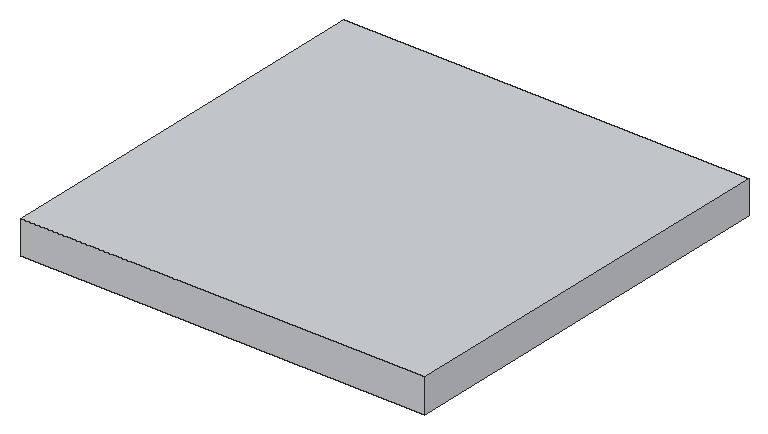
Revit family "DMElétrico_Circuito_Dados", category Dispositivos de dados, Revit 2025
Family settings
  Cota do conector redondo = Utilizar diâmetro
  Tipo de parte = Normal
  Com base no plano de trabalho = Não
  Sempre na vertical = Sim
  Corte com vazios quando carregada = Não
  Manter orientação da anotação = Não
  Compartilhado = Não
  Ponto de cálculo do ambiente = Não
Parameters
  Elevação padrão = 0 mm
Reference planes
  plane 1 "Center (Front/Back)": y = 0
  plane 2: z = 0
  plane 3 "Center (Left/Right)": x = 0
Forms (mm)
  Extrusion 1, solid
    sketch origin (0, 0, 0) x (1, 0, 0) y (0, 1, 0)
      loop
        line (-15, 15) -> (-15, -15) -> (15, -15) -> (15, 15) -> (-15, 15)
    from 0 to -2.5
Lines and regions (mm)
  model lines
    curve 1: circle (0, 0, 0) r 15 normal (0, 0, 1)
    curve 2: circle (0, 0, 0) r 15 normal (0, -1, 0)
    curve 3: circle (0, 0, 0) r 15 normal (1, 0, 0)
Dimensions and locks
  aligned and locked: level to plane 2
Connectors
  cabletrayconduit at (0, 0, 0), diameter 32
    settings: on Extrusion 1, index 1, connector width 300 mm, connector height 300 mm, connector angle 0.00°, system type 32, placement type 0, profile type 0, connector reference index -1, is primary connector yes, connector utility param no, connector description ""
  cabletrayconduit at (0, 0, -2.5), diameter 32
    settings: on Extrusion 1, index 2, connector width 300 mm, connector height 300 mm, connector angle 0.00°, system type 32, placement type 0, profile type 0, connector reference index -1, is primary connector no, connector utility param no, connector description ""
  electrical at (0, 0, 0)
    settings: on Extrusion 1, index 3, voltage 0 V, apparent load 0 VA, apparent load phase1 0 VA, apparent load phase2 0 VA, apparent load phase3 0 VA, power factor 1, load classification "Outro", number of poles 1, system type 5, power factor state 1, is connector primary yes, connector utility no, sub classification motor no, connector description ""
